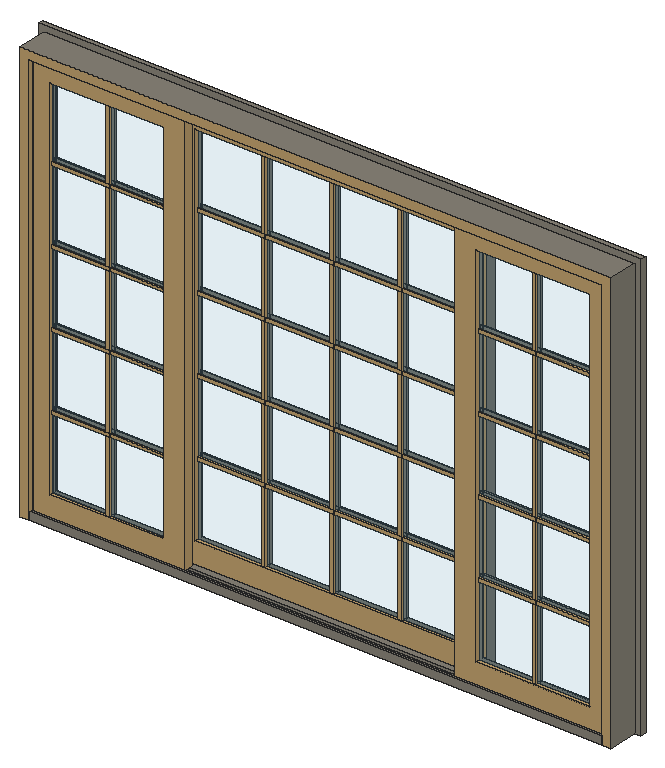
Revit family (continued)
Definition of nested family "Center Panel"
  Definition of nested family "Sliding Arrow"
    Lines and regions (in)
      detail lines, in view "Ref. Level"
        curve 1: line (0, 1.5, 0) -> (0, -1.5, 0)
        curve 2: line (0, 1.5, 0) -> (2.59808, 0, 0)
        curve 3: line (2.59808, 0, 0) -> (0, -1.5, 0)
Definition of nested family "Label Annotation 1-16 w5"
  Parameters
    Label = ""
    Egress Info = "EGRESS WDW"
    Description = "3664 FIXED"
  Reference planes (in)
    plane 1: y = 0
    plane 2: x = 0
  Text (in)
    label "Description" at (0.00375, -0.00345, 0), shows "Description"
Definition of nested family "Door_Section_Detail"
  Parameters (values of type "Door_Section_Detail")
    Performance Sill = yes
    Panel Height = Height - 0' 2 7/32"  # 7' - 8 1/2"
    Panel 6 = no
    Panel 5 = no
    Panel 4 = no
    Panel 3 = no
    Jamb Depth = 0' - 6 25/32"
    Height = 7' - 10 23/32"
    Flush Sill = no
    Flat Casing = no
    Casing Visibility = yes
    BMC = yes
    Assembly Code = ""
  Reference planes (in)
    plane 1 "Bottom": y = 0
    plane 2: z = 0
    plane 3 "Center (Left/Right)": x = 0
    plane 4: y = 94.71875
    plane 5: x = 6.78125
  Dimensions and locks (in)
    "Height": plane 4 to plane 1 "Bottom"
    "Jamb Depth": plane 3 "Center (Left/Right)" to plane 5
    locked: plane 3 "Center (Left/Right)" to nested 2 at 0.375
    locked: plane 1 "Bottom" to nested 2 at 1.21875
    aligned and locked: plane 4 to nested 1
    aligned and locked: plane 3 "Center (Left/Right)" to nested 1
    aligned and locked: nested 3 to plane 4
    aligned and locked: plane 3 "Center (Left/Right)" to nested 3
    aligned and locked: plane 3 "Center (Left/Right)" to nested 4
    aligned and locked: nested 4 to plane 4
    aligned and locked: plane 3 "Center (Left/Right)" to nested 5
    aligned and locked: nested 5 to plane 1 "Bottom"
  Nested families (in)
    nested 1: "Head_Detail" at (0, 94.71875, 0) x (0, 1, 0) z (0, 0, 1), type "Jamb_Detail", in view "Ref. Level"
      with Panel 6 no, Panel 5 no, Panel 4 no, Panel 3 no, Jamb Depth 0' - 6 25/32"
    nested 2: "Panel_Section" at (0.375, 1.21875, 0), type "Panel_Detail", in view "Ref. Level"
      with Height 7' - 8 1/2"
    nested 3: "BMC_Detail" at (0, 94.71875, 0), visible <- "BMC", type "BMC_Detail", in view "Ref. Level"
    nested 4: "Flat_Casing_Detail" at (0, 94.71875, 0), visible <- "Flat Casing", type "Flat_Casing_Detail", in view "Ref. Level"
    nested 5: "Sill_Detail" at (0, 0, 0) x (0, 1, 0) z (0, 0, 1), type "Sill_Detail", in view "Ref. Level"
  Definition of nested family "Head_Detail"
    Parameters (values of type "Jamb_Detail")
      Panel 6 = yes
      Panel 5 = yes
      Panel 4 = yes
      Panel 3 = yes
      Jamb Depth = 1' - 6 55/64"
      No Casing = not(Casing)  # no
      Casing = yes
      Assembly Code = ""
    Reference planes (in)
      plane 1 "Center (Front/Back)": y = 0
      plane 2: z = 0
      plane 3 "Center (Left/Right)": x = 0
      plane 4: y = -3.01172
      plane 5: y = -6.02344
      plane 6: y = -9.03516
      plane 7: y = -12.04688
      plane 8: y = -15.05859
    Lines and regions (in)
      detail lines, style "Cut Lines", in view "Ref. Level", visible <- "No Casing"
        curve 1: line (0.14, 0, 0) -> (1.4675, 0, 0)
        curve 2: line (1.4675, 0.04499, 0) -> (0, 0.04499, 0)
        curve 3: line (1.4675, 0, 0) -> (1.4675, 0.04499, 0)
        curve 4: line (0.14, -0.11, 0) -> (0.14, 0, 0)
        curve 5: line (0, -0.11, 0) -> (0.14, -0.11, 0)
      detail lines, style "Cut Lines", in view "Ref. Level"
        curve 6: line (0, 1.0935, 0) -> (0, -18.85938, 0)
        curve 7: line (0, 1.0935, 0) -> (-0.84375, 1.0935, 0)
        curve 8: line (-0.84375, 1.0935, 0) -> (-0.84375, 0.40625, 0)
        curve 9: line (-0.84375, 0.40625, 0) -> (-1.8125, 0.40625, 0)
        curve 10: line (-1.8125, 0.40625, 0) -> (-1.8125, 0, 0)
        curve 11: line (-1.971, -18.85938, 0) -> (0, -18.85938, 0)
        curve 12: line (-1.971, -18.07813, 0) -> (-1.971, -18.85938, 0)
        curve 14: line (-1.971, -18.07813, 0) -> (-1.5, -18.07813, 0)
        curve 17: line (-1.5, -18.07813, 0) -> (-1.5, -17.82813, 0)
        curve 18: line (-1.5, -17.82813, 0) -> (-0.25, -17.82813, 0)
        curve 20: line (-1.5, 0, 0) -> (-1.8125, 0, 0)
        curve 21: line (-1.5, 0, 0) -> (-1.5, -0.25, 0)
        curve 22: line (-1.5, -0.25, 0) -> (-0.25, -0.25, 0)
        curve 32: line (-1.5, -2.74219, 0) -> (-1.5, -3.28125, 0)
        curve 33: line (-1.5, -3.28125, 0) -> (-0.25, -3.28125, 0)
        curve 34: line (-1.5, -2.74219, 0) -> (-0.25, -2.74219, 0)
        curve 35: line (-0.25, -2.74219, 0) -> (-0.25, -0.25, 0)
        curve 37: line (-0.25, -5.75391, 0) -> (-0.25, -3.28125, 0)
      detail lines, style "Cut Lines", in view "Ref. Level", visible <- "Panel 6"
        curve 13: line (-0.25, -17.82813, 0) -> (-0.25, -15.32813, 0)
        curve 15: line (-1.5, -14.78906, 0) -> (-1.5, -15.32813, 0)
        curve 16: line (-1.5, -15.32813, 0) -> (-0.25, -15.32813, 0)
        curve 19: line (-1.5, -14.78906, 0) -> (-0.25, -14.78906, 0)
      detail lines, style "Cut Lines", in view "Ref. Level", visible <- "Panel 5"
        curve 23: line (-1.5, -11.77734, 0) -> (-1.5, -12.31641, 0)
        curve 24: line (-1.5, -12.31641, 0) -> (-0.25, -12.31641, 0)
        curve 25: line (-1.5, -11.77734, 0) -> (-0.25, -11.77734, 0)
        curve 43: line (-0.25, -14.78906, 0) -> (-0.25, -12.31641, 0)
      detail lines, style "Cut Lines", in view "Ref. Level", visible <- "Panel 4"
        curve 26: line (-1.5, -8.76562, 0) -> (-1.5, -9.30469, 0)
        curve 27: line (-1.5, -9.30469, 0) -> (-0.25, -9.30469, 0)
        curve 28: line (-1.5, -8.76562, 0) -> (-0.25, -8.76562, 0)
        curve 41: line (-0.25, -11.77734, 0) -> (-0.25, -9.30469, 0)
      detail lines, style "Cut Lines", in view "Ref. Level", visible <- "Panel 3"
        curve 29: line (-1.5, -5.75391, 0) -> (-1.5, -6.29297, 0)
        curve 30: line (-1.5, -6.29297, 0) -> (-0.25, -6.29297, 0)
        curve 31: line (-1.5, -5.75391, 0) -> (-0.25, -5.75391, 0)
        curve 39: line (-0.25, -8.76562, 0) -> (-0.25, -6.29297, 0)
      detail lines, style "InvisibleLines", in view "Ref. Level"
        curve 36: line (-0.25, -3.28125, 0) -> (-0.25, -2.74219, 0)
      detail lines, style "InvisibleLines", in view "Ref. Level", visible <- "Panel 3"
        curve 38: line (-0.25, -6.29297, 0) -> (-0.25, -5.75391, 0)
      detail lines, style "InvisibleLines", in view "Ref. Level", visible <- "Panel 4"
        curve 40: line (-0.25, -9.30469, 0) -> (-0.25, -8.76562, 0)
      detail lines, style "InvisibleLines", in view "Ref. Level", visible <- "Panel 5"
        curve 42: line (-0.25, -12.31641, 0) -> (-0.25, -11.77734, 0)
      detail lines, style "InvisibleLines", in view "Ref. Level", visible <- "Panel 6"
        curve 44: line (-0.25, -15.32813, 0) -> (-0.25, -14.78906, 0)
    Dimensions and locks (in)
      "Jamb Depth": curve 11 to plane 1 "Center (Front/Back)"
      curve 11 to curve 14 to curve 18 = 0' - 0 25/32" locked, 0' - 0 1/4" locked
      locked: curve 22 to curve 20 at 0.25
      equal spacing: plane 8, plane 7, plane 6, plane 5, plane 4, plane 1 "Center (Front/Back)"
      curve 33 to plane 4 to curve 34 = 0' - 0 69/256" locked, 0' - 0 69/256" locked
      curve 30 to plane 5 to curve 31 = 0' - 0 69/256" locked, 0' - 0 69/256" locked
      curve 27 to plane 6 to curve 28 = 0' - 0 69/256" locked, 0' - 0 69/256" locked
      curve 24 to plane 7 to curve 25 = 0' - 0 69/256" locked, 0' - 0 69/256" locked
      curve 16 to plane 8 to curve 19 = 0' - 0 69/256" locked, 0' - 0 69/256" locked
    Automatic sketch dimensions
      curve 10 to plane 1 "Center (Front/Back)" = 0' - 0"
      curve 11 to plane 3 "Center (Left/Right)" = 0' - 0"
      curve 4 to plane 1 "Center (Front/Back)" = 0' - 0"
      curve 27 to plane 3 "Center (Left/Right)" = 0' - 0 1/4"
      curve 9 to plane 1 "Center (Front/Back)" = 0' - 0 13/32"
      curve 9 to plane 3 "Center (Left/Right)" = 0' - 0 27/32"
      curve 27 to curve 27 = 0' - 1 1/4"
      curve 19 to curve 19 = 0' - 1 1/4"
      curve 17 to curve 13 = 0' - 1 1/4"
      curve 20 to curve 8 = 0' - 0 21/32"
      curve 23 to curve 24 = 0' - 1 1/4"
      curve 34 to curve 34 = 0' - 1 1/4"
      curve 31 to curve 31 = 0' - 1 1/4"
      curve 20 to curve 20 = 0' - 0 5/16"
      curve 14 to curve 14 = 0' - 0.471"
      plane 3 "Center (Left/Right)" to curve 4 = 0' - 0.14"
      curve 2 to plane 1 "Center (Front/Back)" = 0' - 0.04499"
      curve 1 to curve 2 = 0' - 1.3275"
      plane 1 "Center (Front/Back)" to curve 5 = 0' - 0.11"
      curve 2 to curve 7 = 0' - 1.04851"
      curve 19 to plane 8 = 0' - 0 69/256"
      plane 8 to curve 16 = 0' - 0 69/256"
  Definition of nested family "Panel_Section"
    Parameters (values of type "Panel_Detail")
      Height = 7' - 11 9/32"
      Assembly Code = ""
    Reference planes (in)
      plane 1 "Bottom": y = 0
      plane 2: z = 0
      plane 3 "Center (Left/Right)": x = 0
      plane 4: x = 2.21875
      plane 5: y = 95.28125
    Lines and regions (in)
      detail lines, style "Cut Lines", in view "Ref. Level"
        curve 1: line (0.4863, 4.07825, 0) -> (0.4863, 91.203, 0)
        curve 2: line (0.6738, 4.07825, 0) -> (0.6738, 91.203, 0)
        curve 3: line (1.2363, 91.203, 0) -> (1.2363, 4.07825, 0)
        curve 4: line (1.4238, 4.07825, 0) -> (1.4238, 91.203, 0)
    Dimensions and locks (in)
      locked: plane 3 "Center (Left/Right)" to plane 4 at 2.21875
      "Height": plane 1 "Bottom" to plane 5
      aligned and locked: nested 2 to plane 5
      aligned and locked: nested 2 to plane 3 "Center (Left/Right)"
      aligned and locked: nested 1 to plane 1 "Bottom"
      aligned and locked: plane 3 "Center (Left/Right)" to nested 1
      aligned and locked: curve 1 to nested 1  (x2)
      aligned and locked: curve 2 to nested 1
      aligned and locked: nested 1 to curve 2
      aligned and locked: nested 2 to curve 2
      aligned and locked: curve 3 to nested 2
      aligned and locked: nested 1 to curve 3
      aligned and locked: nested 2 to curve 3
      aligned and locked: nested 1 to curve 4
      aligned and locked: curve 4 to nested 1
    Automatic sketch dimensions
      curve 4 to curve 3 = 0' - 0"
      curve 1 to curve 2 = 0' - 0"
    Nested families (in)
      nested 1: "Stile_Detail" at (0, 0, 0) x (0, 1, 0) z (0, 0, 1), type "Stile_Detail", in view "Ref. Level"
      nested 2: "Stile_Detail" at (0, 95.28125, 0) x (0, -1, 0) z (0, 0, 1), type "Stile_Detail", in view "Ref. Level"
    Definition of nested family "Stile_Detail"
      Parameters (values of type "Stile_Detail")
        Assembly Code = ""
      Reference planes (in)
        plane 1 "Center (Front/Back)": y = 0
        plane 2: z = 0
        plane 3 "Center (Left/Right)": x = 0
      Lines and regions (in)
        detail lines, style "Cut Lines", in view "Ref. Level"
          curve 1: line (0, 0, 0) -> (4.48438, 0, 0)
          curve 2: line (4.73438, -2.21875, 0) -> (0, -2.21875, 0)
          curve 3: line (4.73438, -0.39904, 0) -> (4.73438, -0.4375, 0)
          curve 4: line (0, -2.21875, 0) -> (0, 0, 0)
          curve 5: line (4.48438, 0, 0) -> (4.48438, -0.14904, 0)
          curve 6: line (4.48438, -0.14904, 0) -> (4.73438, -0.39904, 0)
          curve 7: line (4, -0.4375, 0) -> (4, -1.5, 0)
          curve 8: line (4, -0.4375, 0) -> (4.73438, -0.4375, 0)
          curve 9: line (4, -1.5, 0) -> (4.73438, -1.5, 0)
          curve 10: line (4.73438, -1.5, 0) -> (4.73438, -2.21875, 0)
          curve 11: line (4.07825, -0.4863, 0) -> (4.07825, -1.4238, 0)
          curve 12: line (4.38075, -0.6738, 0) -> (4.38075, -1.2363, 0)
  Definition of nested family "BMC_Detail"
    Parameters (values of type "BMC_Detail")
      Assembly Code = ""
    Reference planes (in)
      plane 1 "Center (Front/Back)": y = 0
      plane 2: z = 0
      plane 3 "Center (Left/Right)": x = 0
    Lines and regions (in)
      detail lines, style "Cut Lines", in view "Ref. Level"
        curve 1: line (-1.25, 0.71589, 0) -> (-1.25, 1.3125, 0)
        curve 2: line (-1.25, 1.3125, 0) -> (0, 1.3125, 0)
        curve 3: line (0, 0, 0) -> (-1.09375, 0, 0)
        curve 4: line (-1.09375, 0, 0) -> (-1.09375, 0.38081, 0)
        curve 5: line (-1.09375, 0.38081, 0) -> (-1.25, 0.71589, 0)
        curve 6: line (0, 0, 0) -> (0, 1.3125, 0)
  Definition of nested family "Flat_Casing_Detail"
    Parameters (values of type "Flat_Casing_Detail")
      Assembly Code = ""
    Reference planes (in)
      plane 1 "Center (Front/Back)": y = 0
      plane 2: z = 0
      plane 3 "Center (Left/Right)": x = 0
    Lines and regions (in)
      detail lines, style "Cut Lines", in view "Ref. Level"
        curve 1: line (-1.09375, 3, 0) -> (0, 3, 0)
        curve 2: line (0, 0, 0) -> (-1.09375, 0, 0)
        curve 3: line (-1.09375, 0, 0) -> (-1.09375, 3, 0)
        curve 4: line (0, 0, 0) -> (0, 3, 0)
  Definition of nested family "Sill_Detail"
    Parameters (values of type "Sill_Detail")
      Performance Sill = yes
      Jamb Depth = 0' - 6 25/32"
      Flush Sill = no
      Assembly Code = ""
    Reference planes (in)
      plane 1 "Center (Front/Back)": y = 0
      plane 2: z = 0
      plane 3 "Center (Left/Right)": x = 0
      plane 4: y = -1.50586
      plane 5: y = -4.51758
    Lines and regions (in)
      detail lines, style "Cut Lines", in view "Ref. Level"
        curve 1: line (0, 1.03125, 0) -> (0, -6.78125, 0)
        curve 2: line (0, 1.03125, 0) -> (0.75, 1.03125, 0)
        curve 3: line (0.75, 1.03125, 0) -> (0.75, -0.66211, 0)
        curve 7: line (0.75, -6.3125, 0) -> (0.75, -5.07917, 0)
        curve 9: line (0.75, -2.06836, 0) -> (0.75, -3.64258, 0)
        curve 11: line (0.75, -6.78125, 0) -> (0, -6.78125, 0)
        curve 12: line (0.75, -0.66211, 0) -> (0.25, -0.66211, 0)
        curve 13: line (0.75, -5.07917, 0) -> (0.25, -5.07917, 0)
        curve 14: line (0.75, -2.06836, 0) -> (0.25, -2.06836, 0)
        curve 15: line (0.75, -3.64258, 0) -> (0.25, -3.64258, 0)
        curve 16: line (0.25, -3.64258, 0) -> (0.25, -4.14258, 0)
        curve 17: line (0.25, -0.66211, 0) -> (0.25, -2.06836, 0)
        curve 18: line (0.25, -4.57917, 0) -> (0.25, -5.07917, 0)
        curve 19: line (0.375, -1.88086, 0) -> (0.375, -1.75586, 0)
        curve 20: line (1.21875, -0.81981, 0) -> (0.375, -0.81981, 0)
        curve 21: line (1.21875, -1.88086, 0) -> (0.375, -1.88086, 0)
        curve 22: line (0.965, -0.94481, 0) -> (0.375, -0.94481, 0)
        curve 23: line (0.965, -1.74447, 0) -> (0.965, -0.94481, 0)
        curve 24: line (0.375, -0.94481, 0) -> (0.375, -0.81981, 0)
        curve 25: line (0.65964, -4.29883, 0) -> (0.455, -4.29883, 0)
        curve 26: line (0.65964, -4.51758, 0) -> (0.455, -4.51758, 0)
        curve 27: line (0.65964, -4.29883, 0) -> (0.65964, -4.51758, 0)
        curve 28: line (0.455, -4.51758, 0) -> (0.37044, -4.67383, 0)
        curve 29: line (0.37044, -4.67383, 0) -> (0.25, -4.67383, 0)
        curve 30: line (0.455, -4.29883, 0) -> (0.37044, -4.14258, 0)
        curve 31: line (0.37044, -4.14258, 0) -> (0.25, -4.14258, 0)
        curve 32: line (0.25, -4.14258, 0) -> (0.25, -4.67383, 0)
        curve 33: line (0.25, -1.13177, 0) -> (0.375, -1.13177, 0)
        curve 34: line (0.25, -1.55751, 0) -> (0.375, -1.55751, 0)
        curve 35: line (0.965, -1.75586, 0) -> (0.375, -1.75586, 0)
        curve 36: line (0.375, -1.00877, 0) -> (0.965, -0.94481, 0)
        curve 37: line (0.375, -1.00877, 0) -> (0.375, -1.68052, 0)
        curve 38: line (0.375, -1.68052, 0) -> (0.965, -1.74447, 0)
        curve 39: line (0.965, -1.01515, 0) -> (0.46875, -1.0929, 0)
        curve 40: line (0.46875, -1.59638, 0) -> (0.965, -1.67498, 0)
        curve 41: line (0.46875, -1.0929, 0) -> (0.46875, -1.59638, 0)
      detail lines, style "Cut Lines", in view "Ref. Level", visible <- "Performance Sill"
        curve 4: line (1.8125, -6.78125, 0) -> (0.75, -6.78125, 0)
        curve 5: line (1.8125, -6.3125, 0) -> (1.8125, -6.78125, 0)
        curve 6: line (1.8125, -6.3125, 0) -> (0.75, -6.3125, 0)
      detail lines, style "Cut Lines", in view "Ref. Level", not visible
        curve 8: line (0.75, -5.07917, 0) -> (0.75, -6.6543, 0)
      detail lines, style "Cut Lines", in view "Ref. Level", visible <- "Flush Sill"
        curve 10: line (0.75, -6.3125, 0) -> (0.75, -6.78125, 0)
    Dimensions and locks (in)
      "Jamb Depth": curve 11 to plane 1 "Center (Front/Back)"
      plane 5 to plane 4 to plane 1 "Center (Front/Back)" = 0' - 3 3/256" locked, 0' - 1.50586" locked
      locked: plane 1 "Center (Front/Back)" to curve 2 at 1.03125
      locked: curve 6 to curve 11 at 0.46875
      locked: plane 3 "Center (Left/Right)" to curve 5 at 1.8125
      locked: plane 3 "Center (Left/Right)" to curve 3 at 0.75
      curve 15 to curve 13 = 0' - 1.43659"
      locked: curve 29 to curve 31 at 0.53125
      aligned and locked: curve 3 to curve 9
      aligned and locked: curve 3 to curve 8
      aligned and locked: curve 7 to curve 3
    Automatic sketch dimensions
      curve 1 to plane 3 "Center (Left/Right)" = 0' - 0"
      curve 28 to plane 5 = 0' - 0"
      plane 3 "Center (Left/Right)" to curve 17 = 0' - 0 1/4"
      plane 3 "Center (Left/Right)" to curve 16 = 0' - 0 1/4"
      curve 18 to curve 32 = 0' - 0"
      curve 28 to plane 5 = 0' - 0 5/32"
      curve 29 to curve 28 = 0' - 0.12044"
      curve 16 to curve 31 = 0' - 0.12044"
      curve 33 to curve 22 = 0' - 0 1/8"
      curve 14 to curve 21 = 0' - 0 1/8"
      curve 33 to curve 33 = 0' - 0 1/8"
      curve 28 to curve 28 = 0' - 0.08456"
      curve 30 to curve 25 = 0' - 0.08456"
      plane 4 to curve 40 = 0' - 0.09052"
      curve 34 to curve 40 = 0' - 0 3/32"
      curve 25 to curve 27 = 0' - 0.20464"
      curve 9 to curve 35 = 0' - 0.215"
      plane 4 to curve 40 = 0' - 0.16912"
      curve 40 to curve 35 = 0' - 0"
      curve 35 to curve 21 = 0' - 0.25375"
      curve 22 to curve 20 = 0' - 0.25375"
      curve 4 to curve 8 = 0' - 0.12695"
      curve 8 to curve 28 = 0' - 0.40534"
      curve 32 to curve 29 = 0' - 0"
      curve 18 to plane 5 = 0' - 0.06159"
      curve 26 to curve 25 = 0' - 0 7/32"
      curve 9 to curve 40 = 0' - 0.39338"
      curve 14 to curve 19 = 0' - 0 3/16"
      curve 35 to curve 40 = 0' - 0.08088"
      curve 35 to curve 23 = 0' - 0.01139"
      curve 19 to curve 38 = 0' - 0.07534"
      plane 4 to curve 34 = 0' - 0.05165"
      curve 33 to plane 4 = 0' - 0.37409"
      curve 33 to curve 39 = 0' - 0.03887"
      curve 39 to plane 4 = 0' - 0.49071"
      curve 33 to curve 36 = 0' - 0.123"
      curve 39 to curve 23 = 0' - 0.07034"
      curve 22 to curve 20 = 0' - 0 1/8"
      curve 20 to curve 12 = 0' - 0.1577"
Definition of nested family "Door_Plan_Detail"
  Parameters (values of type "Door_Plan_Detail")
    Width = 11' - 0 27/32"
    Stile Overlap = 0' - 4 47/64"
    Panel Width = 2' - 11 1/16"
    Jamb Depth = 0' - 6 25/32"
    Center Panel Width = 5' - 10 21/64"
    Casing = yes
    Assembly Code = ""
  Reference planes (in)
    plane 1 "Center (Front/Back)": y = 0
    plane 2: z = 0
    plane 3 "Center (Left/Right)": x = 0
    plane 4: x = -66.42187
    plane 5: x = 66.42187
    plane 6: y = -6.78125
    plane 7: x = -65.5
    plane 8: x = 65.5
    plane 9: x = 0.3125
    plane 10: x = -30.4375
    plane 11: x = 30.4375
    plane 12: y = -0.375
    plane 13: y = -3.39453
    plane 14: y = -3.39453
    plane 15: x = -0.3125
  Lines and regions (in)
    Masking region 1, in view "Ref. Level"
      outline origin (0, 0, 0) x (1, 0, 0) y (0, 1, 0)
        loop
          line (-66.42187, 1.0935) -> (-66.42187, -6.78125) -> (66.42187, -6.78125) -> (66.42187, 1.0935) -> (-66.42187, 1.0935)
  Dimensions and locks (in)
    equal spacing: plane 4, plane 3 "Center (Left/Right)", plane 5
    "Width": plane 4 to plane 5
    "Jamb Depth": plane 6 to plane 1 "Center (Front/Back)"
    locked: plane 4 to plane 7 at 0.92188
    locked: plane 8 to plane 5 at 0.92188
    "Panel Width": plane 7 to plane 10
    locked: plane 13 to plane 12 at 3.01953
    locked: plane 12 to plane 1 "Center (Front/Back)" at 0.375
    locked: plane 6 to plane 14 at 3.38672
    "Panel Width": plane 11 to plane 8
    aligned and locked: plane 4 to nested 1
    aligned and locked: plane 1 "Center (Front/Back)" to nested 1
    aligned and locked: plane 7 to nested 2
    aligned and locked: nested 4 to plane 5
    aligned and locked: nested 4 to plane 1 "Center (Front/Back)"
    aligned and locked: plane 8 to nested 5
    aligned and locked: nested 1 to Masking region 1 sketch curve
    aligned and locked: Masking region 1 sketch curve to nested 1
    aligned and locked: nested 4 to Masking region 1 sketch curve
    aligned and locked: Masking region 1 sketch curve to nested 4
    aligned and locked: plane 3 "Center (Left/Right)" to nested 3
    aligned and locked: plane 12 to nested 3
    aligned and locked: plane 14 to nested 2
    aligned and locked: nested 5 to plane 14
  Nested families (in)
    nested 1: "Jamb_Detail_2" at (-66.42187, 0, 0), type "Jamb_Detail", in view "Ref. Level"
    nested 2: "Panel_Detail" at (-47.96875, -3.39453, 0), type "Panel", in view "Ref. Level"
      with Meeting Flange no, Meetin Flange 2 yes
    nested 3: "Panel_Detail" at (0, -0.375, 0), type "Panel 2", in view "Ref. Level"
      with Meeting Flange no, Meetin Flange 2 no
    nested 4: "Jamb_Detail_2" at (66.42187, 0, 0) x (-1, 0, 0) z (0, 0, 1), type "Jamb_Detail", in view "Ref. Level"
    nested 5: "Panel_Detail" at (47.96875, -3.39453, 0) x (-1, 0, 0) z (0, 0, 1), type "Panel", in view "Ref. Level"
      with Meeting Flange no, Meetin Flange 2 yes
  Definition of nested family "Jamb_Detail_2"
    Parameters (values of type "Jamb_Detail")
      Not Casing = not(Casing)  # no
      Jamb Depth = 0' - 6 25/32"
      Casing = yes
      Assembly Code = ""
    Reference planes (in)
      plane 1 "Center (Front/Back)": y = 0
      plane 2: z = 0
      plane 3 "Center (Left/Right)": x = 0
    Lines and regions (in)
      detail lines, style "Cut Lines", in view "Ref. Level", visible <- "Not Casing", detail levels fine
        curve 1: line (-0.14, 0, 0) -> (-1.4675, 0, 0)
        curve 2: line (-1.4675, 0.04499, 0) -> (0, 0.04499, 0)
        curve 3: line (-1.4675, 0, 0) -> (-1.4675, 0.04499, 0)
        curve 4: line (-0.14, -0.11, 0) -> (-0.14, 0, 0)
        curve 5: line (0, -0.11, 0) -> (-0.14, -0.11, 0)
      detail lines, style "Cut Lines", in view "Ref. Level", detail levels fine
        curve 6: line (0, 1.0935, 0) -> (0, -6.78125, 0)
        curve 7: line (0, 1.0935, 0) -> (0.84375, 1.0935, 0)
        curve 8: line (0.84375, 1.0935, 0) -> (0.84375, 0.4375, 0)
        curve 9: line (0.84375, 0.4375, 0) -> (1.8125, 0.4375, 0)
        curve 10: line (1.8125, 0.4375, 0) -> (1.8125, -3.03125, 0)
        curve 11: line (1.4375, -3.03125, 0) -> (1.8125, -3.03125, 0)
        curve 12: line (1.96875, -6.78125, 0) -> (0, -6.78125, 0)
        curve 13: line (1.4375, -3.03125, 0) -> (1.4375, -3.28125, 0)
        curve 14: line (0.801, -5.65625, 0) -> (0.801, -3.28125, 0)
        curve 15: line (1.4375, -3.28125, 0) -> (0.801, -3.28125, 0)
        curve 16: line (1.96875, -5.65625, 0) -> (1.96875, -6.78125, 0)
        curve 17: line (0.801, -5.65625, 0) -> (1.96875, -5.65625, 0)
      detail lines, style "Frame Cut", in view "Ref. Level", detail levels coarse+medium
        curve 18: line (0, 1.0935, 0) -> (0, -6.78125, 0)
        curve 19: line (0, -6.78125, 0) -> (1.96875, -6.78125, 0)
        curve 20: line (1.96875, -6.78125, 0) -> (1.96875, -5.60938, 0)
        curve 21: line (0, 1.0935, 0) -> (1.96875, 1.0935, 0)
        curve 22: line (1.96875, -3.39063, 0) -> (1.96875, 1.0935, 0)
    Dimensions and locks (in)
      "Jamb Depth": curve 12 to plane 1 "Center (Front/Back)"
      locked: curve 20 to curve 22 at 2.21875
      locked: curve 22 to plane 1 "Center (Front/Back)" at 3.39063
      aligned and locked: curve 18 to plane 3 "Center (Left/Right)"
      aligned and locked: curve 20 to curve 22
      aligned and locked: curve 12 to curve 19
      aligned and locked: curve 16 to curve 20
    Automatic sketch dimensions
      plane 1 "Center (Front/Back)" to curve 1 = 0' - 0"
      curve 5 to plane 3 "Center (Left/Right)" = 0' - 0.14"
      curve 3 to plane 1 "Center (Front/Back)" = 0' - 0.04499"
      curve 3 to curve 1 = 0' - 1.3275"
      plane 3 "Center (Left/Right)" to curve 15 = 0' - 0.801"
      plane 3 "Center (Left/Right)" to curve 8 = 0' - 0 27/32"
      curve 14 to curve 13 = 0' - 0.6365"
      curve 9 to plane 1 "Center (Front/Back)" = 0' - 0 7/16"
      curve 8 to curve 9 = 0' - 0 31/32"
      curve 14 to curve 12 = 0' - 1.16775"
      curve 16 to curve 20 = 0' - 0 3/64"
      curve 22 to curve 13 = 0' - 0 7/64"
      curve 13 to curve 13 = 0' - 0 1/4"
      plane 1 "Center (Front/Back)" to curve 5 = 0' - 0.11"
      curve 2 to curve 6 = 0' - 1.04851"
  Definition of nested family "Panel_Detail"
    Parameters (values of type "Panel")
      Width = 2' - 11 1/16"
      Meeting Flange [instance] = yes
      Meetin Flange 2 [instance] = yes
      Assembly Code = ""
    Types (2): name | Width
      Panel | 2' - 11 1/16"
      Panel 2 | 5' - 10 21/64"
    Reference planes (in)
      plane 1 "Center (Front/Back)": y = 0
      plane 2: z = 0
      plane 3 "Center (Left/Right)": x = 0
      plane 4: x = -17.53125
      plane 5: x = 17.53125
    Lines and regions (in)
      detail lines, style "Cut Lines", in view "Ref. Level", detail levels fine
        curve 1: line (-13.453, -0.4863, 0) -> (13.453, -0.4863, 0)
        curve 2: line (-13.453, -0.6738, 0) -> (13.453, -0.6738, 0)
        curve 3: line (-13.453, -1.2363, 0) -> (13.453, -1.2363, 0)
        curve 4: line (-13.453, -1.4238, 0) -> (13.453, -1.4238, 0)
      detail lines, style "Cut Lines", in view "Ref. Level", visible <- "Meeting Flange", detail levels fine
        curve 5: line (-14.83156, 0.53125, 0) -> (-16.9375, 0.53125, 0)
        curve 6: line (-16.9375, 0.53125, 0) -> (-16.9375, 0, 0)
        curve 7: line (-15.125, 0, 0) -> (-15.125, 0.40625, 0)
        curve 8: line (-15.125, 0.40625, 0) -> (-14.39488, 0.40625, 0)
        curve 9: line (-15.04687, 0.25, 0) -> (-12.79688, 0.25, 0)
        curve 10: line (-14.11033, 0.64917, 0) -> (-14.31325, 0.35938, 0)
        curve 11: line (-12.79688, 0.25, 0) -> (-12.79688, 0.80078, 0)
        curve 12: line (-14.39488, 0.40625, 0) -> (-14.28125, 0.56853, 0)
        curve 13: line (-14.28125, 0.60937, 0) -> (-14.77686, 0.60937, 0)
        curve 14: line (-14.28125, 0.60937, 0) -> (-14.28125, 0.56853, 0)
        curve 15: line (-14.31325, 0.35938, 0) -> (-14.99267, 0.35938, 0)
        curve 16: line (-14.99267, 0.35938, 0) -> (-15.04687, 0.3341, 0)
        curve 17: line (-15.04687, 0.3341, 0) -> (-15.04687, 0.25, 0)
        curve 18: line (-14.11033, 0.64917, 0) -> (-14.11033, 0.80078, 0)
        curve 19: line (-14.83156, 0.53125, 0) -> (-14.77686, 0.60937, 0)
      detail lines, style "Panel Cut", in view "Ref. Level", detail levels coarse+medium
        curve 20: line (-17.53125, -2.21875, 0) -> (-17.53125, 0, 0)
        curve 21: line (-17.53125, 0, 0) -> (-12.79688, 0, 0)
        curve 22: line (-12.79688, 0, 0) -> (-12.79688, -2.21875, 0)
        curve 23: line (-12.79688, -2.21875, 0) -> (-17.53125, -2.21875, 0)
        curve 24: line (12.79688, 0, 0) -> (12.79688, -2.21875, 0)
        curve 25: line (12.79688, -2.21875, 0) -> (17.53125, -2.21875, 0)
        curve 26: line (17.53125, -2.21875, 0) -> (17.53125, 0, 0)
        curve 27: line (17.53125, 0, 0) -> (12.79688, 0, 0)
        curve 28: line (-12.79688, -1.10938, 0) -> (12.79688, -1.10938, 0)
      detail lines, in view "Ref. Level", detail levels coarse+medium
        curve 29: line (-12.79688, 0, 0) -> (12.79688, 0, 0)
        curve 30: line (-12.79688, -2.21875, 0) -> (12.79688, -2.21875, 0)
      detail lines, style "Cut Lines", in view "Ref. Level", visible <- "Meetin Flange 2", detail levels fine
        curve 31: line (14.83156, 0.53125, 0) -> (16.9375, 0.53125, 0)
        curve 32: line (16.9375, 0.53125, 0) -> (16.9375, 0, 0)
        curve 33: line (15.125, 0, 0) -> (15.125, 0.40625, 0)
        curve 34: line (15.125, 0.40625, 0) -> (14.39488, 0.40625, 0)
        curve 35: line (15.04687, 0.25, 0) -> (12.79688, 0.25, 0)
        curve 36: line (14.11033, 0.64917, 0) -> (14.31325, 0.35938, 0)
        curve 37: line (12.79688, 0.25, 0) -> (12.79688, 0.80078, 0)
        curve 38: line (14.39488, 0.40625, 0) -> (14.28125, 0.56853, 0)
        curve 39: line (14.28125, 0.60937, 0) -> (14.77686, 0.60937, 0)
        curve 40: line (14.28125, 0.60937, 0) -> (14.28125, 0.56853, 0)
        curve 41: line (14.31325, 0.35938, 0) -> (14.99267, 0.35938, 0)
        curve 42: line (14.99267, 0.35938, 0) -> (15.04687, 0.3341, 0)
        curve 43: line (15.04687, 0.3341, 0) -> (15.04687, 0.25, 0)
        curve 44: line (14.11033, 0.64917, 0) -> (14.11033, 0.80078, 0)
        curve 45: line (14.83156, 0.53125, 0) -> (14.77686, 0.60937, 0)
    Dimensions and locks (in)
      equal spacing: plane 4, plane 3 "Center (Left/Right)", plane 5
      "Width": plane 4 to plane 5
      aligned and locked: plane 4 to nested 1
      aligned and locked: plane 1 "Center (Front/Back)" to nested 1
      aligned and locked: nested 2 to plane 5
      aligned and locked: nested 2 to plane 1 "Center (Front/Back)"
      aligned and locked: curve 1 to nested 1  (x2)
      aligned and locked: nested 1 to curve 4
      aligned and locked: curve 4 to nested 1
      aligned and locked: nested 1 to curve 2
      aligned and locked: nested 2 to curve 2
      aligned and locked: nested 1 to curve 3
      aligned and locked: nested 2 to curve 3
      aligned and locked: curve 1 to nested 2
      aligned and locked: nested 2 to curve 4
      aligned and locked: nested 1 to curve 11
      aligned and locked: curve 20 to nested 1
      aligned and locked: curve 21 to nested 1
      aligned and locked: curve 22 to nested 1
      aligned and locked: curve 23 to nested 1
      aligned and locked: curve 24 to nested 2
      aligned and locked: curve 25 to nested 2
      aligned and locked: curve 26 to nested 2
      aligned and locked: curve 27 to nested 2
      aligned and locked: plane 1 "Center (Front/Back)" to curve 29
    Automatic sketch dimensions
      plane 4 to curve 5 = 0' - 0 19/32"
      curve 8 to plane 1 "Center (Front/Back)" = 0' - 0 13/32"
      curve 5 to curve 8 = 0' - 1 13/16"
      curve 7 to curve 17 = 0' - 0 5/64"
      curve 16 to plane 1 "Center (Front/Back)" = 0' - 0 23/64"
      curve 16 to curve 16 = 0' - 0.05421"
      curve 19 to plane 1 "Center (Front/Back)" = 0' - 0 17/32"
      curve 15 to curve 19 = 0' - 0.16111"
      curve 5 to curve 13 = 0' - 0 7/128"
      curve 13 to curve 8 = 0' - 0.38198"
      curve 8 to curve 15 = 0' - 0.08163"
      curve 8 to curve 13 = 0' - 0.11363"
      curve 13 to curve 18 = 0' - 0.17092"
      curve 37 to curve 24 = 0' - 0"
      curve 37 to curve 44 = 0' - 1.31346"
      curve 36 to curve 40 = 0' - 0.17092"
      curve 36 to plane 1 "Center (Front/Back)" = 0' - 0 23/64"
      curve 38 to curve 36 = 0' - 0.032"
      curve 36 to curve 34 = 0' - 0.08163"
      curve 34 to curve 39 = 0' - 0.38198"
      curve 45 to plane 1 "Center (Front/Back)" = 0' - 0 17/32"
      curve 39 to curve 45 = 0' - 0 7/128"
      curve 31 to curve 42 = 0' - 0.16111"
      curve 42 to plane 1 "Center (Front/Back)" = 0' - 0.3341"
      curve 41 to curve 42 = 0' - 0.05421"
      curve 42 to curve 34 = 0' - 0 5/64"
      plane 5 to curve 32 = 0' - 0 19/32"
      curve 4 to curve 3 = 0' - 0 3/16"
      curve 3 to curve 28 = 0' - 0.12693"
      curve 2 to curve 1 = 0' - 0 3/16"
      curve 21 to curve 9 = 0' - 0 1/4"
      curve 24 to curve 37 = 0' - 0 1/4"
      curve 17 to curve 15 = 0' - 0.02528"
      curve 36 to curve 38 = 0' - 0 3/64"
      curve 34 to curve 38 = 0' - 0.16228"
      curve 8 to curve 14 = 0' - 0.16228"
      curve 5 to curve 19 = 0' - 0 5/64"
      curve 38 to curve 39 = 0' - 0.04085"
      curve 13 to curve 10 = 0' - 0.0398"
      curve 39 to curve 44 = 0' - 0.0398"
      curve 36 to curve 44 = 0' - 0.15161"
      curve 9 to curve 11 = 0' - 0 141/256"
      curve 35 to curve 37 = 0' - 0 141/256"
      curve 10 to curve 18 = 0' - 0.15161"
    Nested families (in)
      nested 1: "Stile_Detail" at (-17.53125, 0, 0), type "Stile_Detail", in view "Ref. Level", detail levels fine
      nested 2: "Stile_Detail" at (17.53125, 0, 0) x (-1, 0, 0) z (0, 0, 1), type "Stile_Detail", in view "Ref. Level", detail levels fine
    Definition of nested family "Stile_Detail"
      Parameters (values of type "Stile_Detail")
        Assembly Code = ""
      Reference planes (in)
        plane 1 "Center (Front/Back)": y = 0
        plane 2: z = 0
        plane 3 "Center (Left/Right)": x = 0
      Lines and regions (in)
        detail lines, style "Cut Lines", in view "Ref. Level"
          curve 1: line (0, 0, 0) -> (4.48438, 0, 0)
          curve 2: line (4.73438, -2.21875, 0) -> (0, -2.21875, 0)
          curve 3: line (4.73438, -0.39904, 0) -> (4.73438, -0.4375, 0)
          curve 4: line (0, -2.21875, 0) -> (0, 0, 0)
          curve 5: line (4.48438, 0, 0) -> (4.48438, -0.14904, 0)
          curve 6: line (4.48438, -0.14904, 0) -> (4.73438, -0.39904, 0)
          curve 7: line (4, -0.4375, 0) -> (4, -1.5, 0)
          curve 8: line (4, -0.4375, 0) -> (4.73438, -0.4375, 0)
          curve 9: line (4, -1.5, 0) -> (4.73438, -1.5, 0)
          curve 10: line (4.73438, -1.5, 0) -> (4.73438, -2.21875, 0)
          curve 11: line (4.07825, -0.4863, 0) -> (4.07825, -1.4238, 0)
          curve 12: line (4.38075, -0.6738, 0) -> (4.38075, -1.2363, 0)
